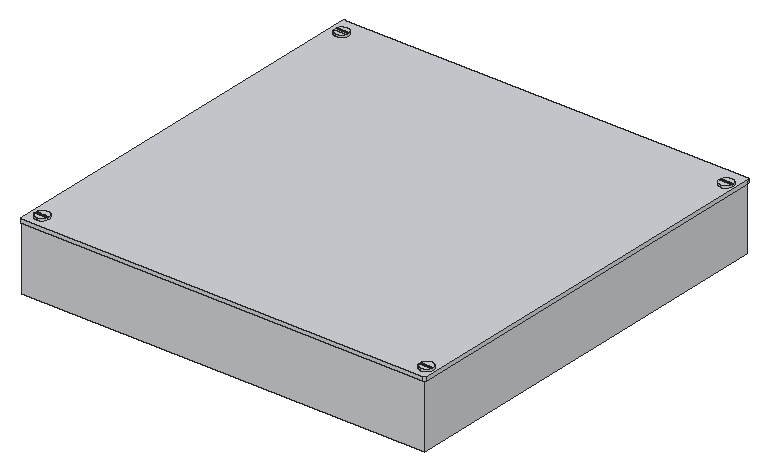
Revit family "AB25G", category Generic Models, Revit 2017
Family settings
  Can host rebar = No
  Round Connector Dimension = Use Diameter
  Part Type = Normal
  Work Plane-Based = Yes
  Always vertical = No
  Cut with Voids When Loaded = No
  Shared = No
  Room Calculation Point = No
Parameters (values of type "NBS Standard Parameters")
  Weight = "3.2437Kg"
  WarrantyStartDate [instance] = "1900-12-31T23:59:59"
  WarrantyGuarantorParts = "n/a"
  WarrantyGuarantorLabor = "n/a"
  WarrantyDurationUnit = "1 year"
  WarrantyDurationParts = "n/a"
  WarrantyDurationLabor = "n/a"
  WarrantyDescription = "n/a"
  Version = "1"
  Uniclass2 = "Pr_65_52_01_86"
  TagNumber [instance] = "n/a"
  SustainabilityPerformance = "n/a"
  Size = "300 X 300 X 150mm (12 X 12 X 6\")"
  Shape = "Square"
  SerialNumber [instance] = "n/a"
  Revision = "n/a"
  ReplacementCost = "n/a"
  ProductInformation = "www.metpro.co.uk/pdf/ab25g.pdf"
  NominalWidth = 300 mm
  NominalLength = 300 mm
  NominalHeight = 100 mm
  Name = ""
  NBSTypeID = ""
  NBSReference = "45-35-00/340"
  NBSOfficeMasterTag = ""
  NBSNote = ""
  NBSDescription = "Surface Boxes"
  NBSCertification = ""
  ModelReference = "AB25G"
  ModelNumber = "n/a"
  Material = "Galvanised Steel Sheet"
  ManufacturerURL = "www.metpro.co.uk"
  ManufacturerName = "Metpro Ltd"
  Keynote = "Compliant to LU Standard 1-085"
  InstallationDate [instance] = "1900-12-31T23:59:59"
  IfcExportType = ""
  IfcExportAs = ""
  Grade = "n/a"
  Finish = "Pre Galvanised Sheet Steel"
  Features = "n/a"
  ExpectedLife = "n/a"
  DurationUnit = "year"
  Description = "AB24G - 300 X 300 X 150mm ( 12 X 12 X 6\")  Adaptable Box - Plain"
  Default Elevation = 1219.2 mm
  Constituents = "n/a"
  Color = "n/a"
  CodePerformance = "n/a"
  Category = "n/a"
  BarCode [instance] = "n/a"
  BIMObjectName = "Metpro_metprolibrary_surfaceboxes_adaptablebox_plainsided"
  Author = "Metpro Ltd"
  AssetType = ""
  AssetIdentifier [instance] = "n/a"
  AccessibilityPerformance = "n/a"
Reference planes
  plane 1 "Center (Front/Back)": y = 0
  plane 2: z = 0
  plane 3 "Center (Left/Right)": x = 0
Forms (mm)
  Extrusion 1, solid
    sketch origin (129.103, -96.748, 128.864) x (0, -1, 0) y (1, 0, 0)
      loop
        line (-2.199, -305) -> (-2.199, -5) -> (-302.199, -5) -> (-302.199, -305) -> (-2.199, -305)
    from 0 to 47.5
  Extrusion 2, solid
    sketch origin (129.103, -96.748, 176.364) x (0, -1, 0) y (1, 0, 0)
      loop
        line (-301.75, -306) -> (-2.599, -306)
        arc (-2.599, -306) -> (-1.609, -305.59) -> (-1.199, -304.6) r 1.4
        line (-1.199, -304.6) -> (-1.199, -5.4)
        arc (-1.199, -5.4) -> (-1.609, -4.41) -> (-2.599, -4) r 1.4
        line (-2.599, -4) -> (-301.799, -4)
        arc (-301.799, -4) -> (-302.789, -4.41) -> (-303.199, -5.4) r 1.4
        line (-303.199, -5.4) -> (-303.199, -304.551)
        arc (-303.199, -304.551) -> (-302.774, -305.576) -> (-301.75, -306) r 1.449
    from 0 to 2.5
  Extrusion 3, solid
    sketch origin (129.103, -92.373, 178.864) x (0, -1, 0) y (1, 0, 0)
      loop
        circle (-285.949, -297.25) r 5
      loop
        circle (-7.199, -297.25) r 5
      loop
        circle (-285.949, -11) r 5
      loop
        circle (-7.199, -11) r 5
    from 0 to 1
  Extrusion 4, void
    sketch origin (129.103, -92.373, 179.864) x (1, 0, 0) y (0, -1, 0)
      loop
        line (-303.636, -5.85) -> (-303.636, -8.35) -> (-288.636, -8.35) -> (-288.636, -5.85) -> (-303.636, -5.85)
      loop
        line (-307.386, -287.283) -> (-287.386, -287.283) -> (-287.386, -284.783) -> (-307.386, -284.783) -> (-307.386, -287.283)
      loop
        line (-17.801, -284.99) -> (-17.801, -287.009) -> (-2.801, -287.009) -> (-2.801, -284.99) -> (-17.801, -284.99)
      loop
        line (-17.956, -5.647) -> (-17.956, -7.821) -> (-1.342, -7.821) -> (-1.342, -5.647) -> (-17.956, -5.647)
    from 0 to 0.5
Cuts and joins
  Extrusion 4 cuts Extrusion 3
Dimensions and locks
  aligned and locked: level to plane 2
